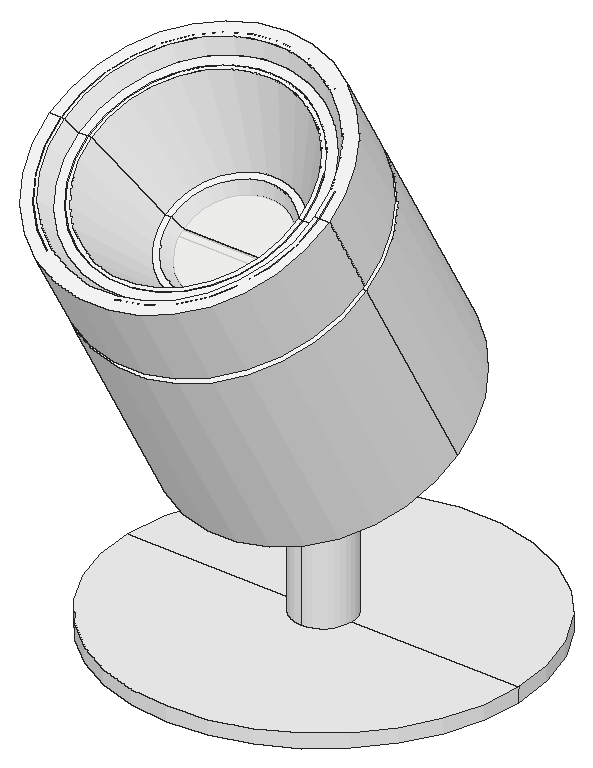
Revit family "Lighting-Luminii-Leto_11_Mini_MP new", category Lighting Fixtures, host Face, Revit 2020
Family settings
  Host = Face
  Round Connector Dimension = Use Diameter
  Part Type = Normal
  OmniClass Number = 23.80.70.11.14.21
  OmniClass Title = Spots and Tracklight Specialties
  Cut with Voids When Loaded = No
  Light Source = Yes
  Shared = Yes
  Room Calculation Point = No
Parameters (values of type "Not A Type - Load Type Catalog")
  Width = 0' - 2 1/2"  # constant formula
  Wattage Comments = "6.1 Watts"
  Wattage = 6.1 W
  Warranty URL = "https://www.luminii.com/terms-conditions/"
  built-in parameter 1150110 = 1 (stored number, unit not read)
  Voltage Comments = "120V"
  Voltage = 120 V
  Version = "2020 - v1.0a"  # constant formula
  URL = "https://www.luminii.com/"
  built-in parameter 1114217 = 1 (stored number, unit not read)
  Tilt Angle = -90.00°
  built-in parameter 1150109 = 1 (stored number, unit not read)
  built-in parameter 1150134 = (empty or 0)
  built-in parameter 1150113 = 1 (stored number, unit not read)
  Support Phone = "224-699-9545"  # constant formula
  Support Email = "mailto:support@bimsmith.com"
  Stem Color [instance] = Paint - Luminii - 01 - White Powder Coated
  Product Page URL = "https://www.luminii.com/product/leto-11-mini-mp/"
  Product Name = "Leto 11 Mini MP"  # constant formula
  Product Documentation Link = "https://www.luminii.com/wp-content/uploads/z_special_catalog_products/products/leto-11-mini-mp/specsheets/LETO_11_Mini_MP_specsheet.pdf"
  Power Source Type = "Driver"
  Power Factor = 1
  Photometric Web File = "Leto 11 Mini T - 662-A90-617-35-15-00.ies"
  Phase = 1
  Optic = "17\""
  Number of Poles = if(and(or(Voltage = 120 V, Voltage = 277 V), Phase = 1), 1, if(and(or(Voltage = 208 V, Voltage = 240 V), Phase = 1), 2, if(and(or(Voltage = 208 V, Voltage = 240 V), Phase = 3), 3, if(and(Voltage > 300 V, Phase = 1), 2, if(and(Voltage > 400 V, Phase = 3), 3, 1)))))  # 1
  Mounting Method = "Track"  # constant formula
  Model = "Please Load Accompanying Type Catalog (.txt)"
  Manufacturer Phone Number = "224-333-6033"
  Manufacturer Email = "info@luminii.com"
  Manufacturer Address = "7777 N Merrimac Ave, Niles, IL 60714"
  Manufacturer = "Luminii"  # constant formula
  built-in parameter 1150105 = 55.702 (stored number, unit not read)
  Lumens = 699.975 lm
  built-in parameter 1150115 = 1 (stored number, unit not read)
  Lumen Output = "700"
  Load Classification = Lighting
  built-in parameter 1150137 = (empty or 0)
  built-in parameter 1150139 = (empty or 0)
  Lens Material = Plastic - Luminii - Frosted Lens
  Length [instance] = 0' - 2 223/256"  # constant formula
  built-in parameter 1150112 = 1 (stored number, unit not read)
  built-in parameter 1150114 = 1 (stored number, unit not read)
  Lamp = "LED"  # constant formula
  Keynote = "26 51 00"
  Instruction Sheet Link = "https://www.luminii.com/product/leto-11-mini-mp/"
  built-in parameter 1150132 = (empty or 0)
  built-in parameter 1150102 = (empty or 0)
  built-in parameter 1150107 = 3000 (stored number, unit not read)
  Initial Color Comments = "Perfomance based on 3000K Photometric Web File"  # constant formula
  built-in parameter 1150138 = (empty or 0)
  built-in parameter 1150106 = 0.55702 (stored number, unit not read)
  Housing Protection Rating = "IP20 Dry/IP66 Wet Series"  # constant formula
  Height = 0' - 3 179/256"  # constant formula
  Frequency Comments = ""
  Frequency = 0 Hz
  Fixture Tilt [instance] = 30.00°
  Fixture Rotation [instance] = 90.00°
  Environment = "Damp"  # constant formula
  built-in parameter 1150104 = 10.661 (stored number, unit not read)
  Driver Comment = "Contact Manufacture for Additional Driver Options"  # constant formula
  Driver = "Standard - Non-Dimming"
  Dimming Lamp Color Temperature Shift = <None>
  Description = "Small Adjustable Spotlight"  # constant formula
  Default Elevation = 0' - 0"  # constant formula
  Current Amps = 0 A
  Copyright = "©2021 Luminii"  # constant formula
  Color Temperature Note = ""
  Color Filter = 16777215
  C Stem Height = 0' - 1"
  C Square Canopy = if(C Canopy Constraint = 2, 1 = 1, 1 = 0)  # no
  C Round Canopy = if(or(C Canopy Constraint = 1, C Canopy Constraint = 3), 1 = 1, 1 = 0)  # yes
  C Canopy Diameter = if(C Canopy Constraint = 1, 0' 4 59/64", if(C Canopy Constraint = 2, 0' 4 225/256", 0' 3 1/2"))  # 0' - 3 1/2"
  Canopy Color [instance] = Paint - Luminii - 01 - White Powder Coated
  C Tilt [instance] = if(Fixture Tilt > 80.00°, 90.00° - 80.00°, if(Fixture Tilt < 0.00°, 90.00° - 0.00°, 90.00° - Fixture Tilt))  # 60.00°
  C Fixture Rotation [instance] = if(Fixture Rotation > 330.00°, 330.00°, if(Fixture Rotation < 0.00°, 0.00°, Fixture Rotation))  # 90.00°
  C Canopy Constraint = 3
  C Canopy Height = if(C Canopy Constraint = 1, 0' 0 161/256", if(C Canopy Constraint = 2, 0' 0 161/256", 0' 0 1/8"))  # 0' - 0 1/8"
  Body Color [instance] = Paint - Luminii - 01 - White Powder Coated
  built-in parameter 1114218 = 1 (stored number, unit not read)
  Baffle Color [instance] = Paint - Luminii - 01 - White Powder Coated
  built-in parameter 1150133 = 10 (stored number, unit not read)
  Assembly Code = "D5040.50"
  Apparent Load = Wattage * Power Factor  # 6.1 VA
Reference planes (in)
  plane 1 "Center (Front/Back)": y = 0
  plane 2: z = 0
  plane 3 "Center (Left/Right)": x = 0
  plane 4: x = -1.75
  plane 5: x = 1.75
  plane 6: y = 1.25
  plane 7: y = -1.25
  plane 8 "Canopy Top": z = 0.125
  plane 9: z = -1.6318
  plane 10: y = 1.75
  plane 11: y = -1.75
  plane 12: x = -1.25
  plane 13: x = 1.25
Forms (in)
  Extrusion 1, solid, material "Paint - Luminii - 01 - White Powder Coated" <- "Canopy Color"
    sketch origin (0, 0, 0) x (1, 0, 0) y (0, 1, 0)
      loop
        circle (0, 0) r 0.17397
    from 0 to 0.125
  Revolve 2, solid, material "Paint - Luminii - 01 - White Powder Coated" <- "Canopy Color", visible <- "C Round Canopy"
    sketch origin (0, 0, 0) x (1, 0, 0) y (0, 0, 1)
      loop
        line (0, 0) -> (0, 0.125) -> (-1.75, 0.125) -> (-1.75, 0) -> (0, 0)
      axis (0, 0.125) -> (0, 0)
    angle from 0 to 360
  Extrusion 3, solid, material "Paint - Luminii - 01 - White Powder Coated" <- "Canopy Color", visible <- "C Square Canopy"
    sketch origin (0, 0, 0) x (1, 0, 0) y (0, 1, 0)
      loop
        line (-1.75, 1.75) -> (-1.75, -1.75) -> (1.75, -1.75) -> (1.75, 1.75) -> (-1.75, 1.75)
    from 0 to 0.125
Lines and regions (in)
  reference lines
    curve 1: line (0, 0, 0.125) -> (0, 5, 0.125)
    curve 2: line (0, 0, 0.125) -> (4.75, 0, 0.125)
Dimensions and locks (in)
  equal spacing: plane 4, plane 3 "Center (Left/Right)", plane 5
  equal spacing: plane 6, plane 1 "Center (Front/Back)", plane 7
  "C Canopy Diameter": plane 4 to plane 5
  "C Canopy Height": plane 8 "Canopy Top" to plane 2
  "Width": plane 6 to plane 7
  locked: plane 2 to plane 9 at 1.6318
  equal spacing: plane 12, plane 3 "Center (Left/Right)", plane 13
  equal spacing: plane 10, plane 1 "Center (Front/Back)", plane 11
  "C Canopy Diameter": plane 10 to plane 11
  "Width": plane 12 to plane 13
  diameter of Extrusion 1 sketch curve = 0' - 0.34794"
  locked: curve 2 to curve 1 (angle 90.00°)
  "C Fixture Rotation": angle curve 1 to plane 1 "Center (Front/Back)"
  aligned and locked: plane 2 to host face
  aligned and locked: level to host face
  aligned and locked: plane 3 "Center (Left/Right)" to imposter light
  aligned and locked: plane 1 "Center (Front/Back)" to Extrusion 1 sketch curve
  aligned and locked: plane 3 "Center (Left/Right)" to Extrusion 1 sketch curve
  aligned and locked: plane 2 to Extrusion 1
  aligned and locked: plane 8 "Canopy Top" to Extrusion 1
  aligned and locked: Revolve 2 sketch curve to plane 3 "Center (Left/Right)"
  aligned and locked: imposter light to plane 1 "Center (Front/Back)"
  aligned and locked: plane 1 "Center (Front/Back)" to curve 2
  aligned and locked: plane 3 "Center (Left/Right)" to curve 2
  aligned and locked: curve 2 to nested 1
  aligned and locked: curve 1 to nested 1
  aligned and locked: Revolve 2 sketch curve to plane 4
  aligned and locked: Revolve 2 sketch curve to level
  aligned and locked: plane 3 "Center (Left/Right)" to Revolve 2 sketch curve
  aligned and locked: imposter light to plane 9
  aligned and locked: Extrusion 3 sketch curve to plane 4
  aligned and locked: plane 5 to Extrusion 3 sketch curve
  aligned and locked: plane 10 to Extrusion 3 sketch curve
  aligned and locked: Extrusion 3 sketch curve to plane 11
  aligned and locked: plane 8 "Canopy Top" to Extrusion 3
  aligned and locked: Extrusion 3 to plane 2
Automatic sketch dimensions
  host sketch curve to host sketch curve = 8' - 0"  (x2)
  Revolve 2 sketch curve to level = 0' - 0"
  Revolve 2 sketch curve to plane 8 "Canopy Top" = 0' - 0"
  plane 8 "Canopy Top" to Revolve 2 sketch curve = 0' - 0"
Nested families (in)
  nested 1: "Tilt" at (0, 0, 0.125) x (0, 1, 0) z (0, 0, 1), type "Tilt"
Connectors (in)
  electrical at (0, 0, 0), driven by "Number of Poles", driven by "Load Classification", driven by "Voltage", driven by "Apparent Load", driven by "Power Factor"
    settings: on Extrusion 1, index 1, voltage 120 V, apparent load 6.1 VA, apparent load phase1 0 VA, apparent load phase2 0 VA, apparent load phase3 0 VA, power factor 1, load classification "Lighting", number of poles 1, system type 30, power factor state 1, is connector primary yes, connector utility no, sub classification motor no, connector description "Power Connection"
Definition of nested family "Tilt"
  Parameters (values of type "Tilt")
    Wattage = 6.1 W
    built-in parameter 1150110 = 1 (stored number, unit not read)
    built-in parameter 1114217 = 1 (stored number, unit not read)
    Tilt Angle = 60.00°
    built-in parameter 1150109 = 1 (stored number, unit not read)
    built-in parameter 1150134 = (empty or 0)
    built-in parameter 1150113 = 1 (stored number, unit not read)
    Stem Color = none
    Photometric Web File = "Leto 11 Mini T - 662-A90-617-35-15-00.ies"
    built-in parameter 1150105 = 55.702 (stored number, unit not read)
    Lumens = 699.975 lm
    built-in parameter 1150115 = 1 (stored number, unit not read)
    built-in parameter 1150137 = (empty or 0)
    built-in parameter 1150139 = (empty or 0)
    Lens = none
    built-in parameter 1150112 = 1 (stored number, unit not read)
    built-in parameter 1150114 = 1 (stored number, unit not read)
    built-in parameter 1150132 = (empty or 0)
    built-in parameter 1150102 = (empty or 0)
    built-in parameter 1150107 = 3000 (stored number, unit not read)
    built-in parameter 1150138 = (empty or 0)
    built-in parameter 1150106 = 0.55702 (stored number, unit not read)
    built-in parameter 1150104 = 10.661 (stored number, unit not read)
    Dimming Lamp Color Temperature Shift = (empty or 0)
    Default Elevation = 4' - 0"
    Color Filter = 16777215
    C Tilt = 60.00°
    C Stem Height = 0' - 1"
    Body Color = none
    built-in parameter 1114218 = 1 (stored number, unit not read)
    Baffle Color = none
    built-in parameter 1150133 = 10 (stored number, unit not read)
    Additional Material = none
  Reference planes (in)
    plane 1 "Center (Front/Back)": y = 0
    plane 2: z = 0
    plane 3 "Center (Left/Right)": x = 0
    plane 4 "C": z = 1.61341
    plane 5: x = -0.36505
    plane 6: z = 1
    plane 7: z = 1.81
  Forms (in)
    Extrusion 1, solid
      sketch origin (0, 0, 0) x (1, 0, 0) y (0, 1, 0)
        loop
          line (-48, 48) -> (-48, -48) -> (48, -48) -> (48, 48) -> (-48, 48)
      from 0 to -12
    Revolve 2, solid, material <- "Stem Color"
      sketch origin (0, 0, 0) x (1, 0, 0) y (0, 0, 1)
        loop
          line (0, 0) -> (0, 1.81) -> (-0.25684, 1.81) -> (-0.25684, 0) -> (0, 0)
        axis (0, 1.81) -> (0, 0)
      angle from 0 to 360
    Extrusion 3, void
      sketch origin (0, 0, 0) x (0, 1, 0) y (0, 0, 1)
        loop
          line (0.11811, 1.85724) -> (-0.11811, 1.85724) -> (-0.11811, 1.42859) -> (0.11811, 1.42859) -> (0.11811, 1.85724)
      from -0.36505 to 0
  Cuts and joins
    Extrusion 3 cuts Revolve 2
  Lines and regions (in)
    reference lines
      curve 1: line (0, 0, 1.61341) -> (1.08253, 0, 2.23841)
      curve 2: line (0, 0, 1.61341) -> (-0.66409, 0, 2.76365)
  Dimensions and locks (in)
    locked: Extrusion 1 to imposter light at 1.75
    plane 3 "Center (Left/Right)" to Revolve 2 sketch curve to Revolve 2 sketch curve = 0' - 0" locked, 0' - 0.25684" locked
    plane 3 "Center (Left/Right)" to Extrusion 3 = 0' - 0"
    Extrusion 3 sketch curve to plane 1 "Center (Front/Back)" to Extrusion 3 sketch curve = 0' - 0.11811" locked, 0' - 0.11811" locked
    locked: plane 3 "Center (Left/Right)" to plane 5 at 0.36505
    "C Stem Height": plane 6 to plane 2
    locked: plane 7 to plane 4 "C" at 0.19659
    locked: plane 7 to plane 6 at 0.81
    locked: plane 2 to imposter light at 1.75
    locked: curve 1 to curve 2 (angle 90.00°)
    "C Tilt": angle curve 1 to plane 3 "Center (Left/Right)"
    aligned and locked: plane 2 to Extrusion 1
    aligned and locked: level to Extrusion 1
    aligned and locked: plane 3 "Center (Left/Right)" to imposter light
    aligned and locked: imposter light to plane 1 "Center (Front/Back)"
    aligned and locked: nested 1 to curve 1
    aligned and locked: nested 1 to plane 1 "Center (Front/Back)"
    aligned and locked: plane 3 "Center (Left/Right)" to Extrusion 3
    aligned and locked: Extrusion 3 to plane 5
    aligned and locked: Revolve 2 sketch curve to plane 7
    aligned and locked: plane 4 "C" to curve 2
    aligned and locked: plane 3 "Center (Left/Right)" to curve 2
  Automatic sketch dimensions
    Extrusion 1 sketch curve to Extrusion 1 sketch curve = 8' - 0"  (x2)
    Revolve 2 sketch curve to plane 3 "Center (Left/Right)" = 0' - 0"
    Revolve 2 sketch curve to level = 0' - 0"  (x2)
    Revolve 2 sketch curve to Revolve 2 sketch curve = 0' - 0.72743"
    Extrusion 3 sketch curve to plane 4 "C" = 0' - 0.18482"
    Extrusion 3 sketch curve to plane 7 = 0' - 0.04724"
  Nested families (in)
    nested 1: "Lamp" at (0, 0, 1.61341) x (-0.5, 0, 0.866) z (0.866, 0, 0.5), type "Lamp"
  Definition of nested family "Lamp"
    Parameters (values of type "Lamp")
      Wattage = 6.1 W
      built-in parameter 1150110 = 1 (stored number, unit not read)
      built-in parameter 1114217 = 1 (stored number, unit not read)
      Tilt Angle = 90.00°
      built-in parameter 1150109 = 1 (stored number, unit not read)
      built-in parameter 1150134 = (empty or 0)
      built-in parameter 1150113 = 1 (stored number, unit not read)
      Photometric Web File = "Leto 11 Mini T - 662-A90-617-35-15-00.ies"
      built-in parameter 1150105 = 55.702 (stored number, unit not read)
      Lumens = 699.975 lm
      built-in parameter 1150115 = 1 (stored number, unit not read)
      built-in parameter 1150137 = (empty or 0)
      built-in parameter 1150139 = (empty or 0)
      Lens = none
      built-in parameter 1150112 = 1 (stored number, unit not read)
      built-in parameter 1150114 = 1 (stored number, unit not read)
      built-in parameter 1150132 = (empty or 0)
      built-in parameter 1150102 = (empty or 0)
      built-in parameter 1150107 = 3000 (stored number, unit not read)
      built-in parameter 1150138 = (empty or 0)
      built-in parameter 1150106 = 0.55702 (stored number, unit not read)
      Emit from Circle Diameter = 0' - 1 195/256"  # constant formula
      Emit Shape Visible in Rendering = no
      built-in parameter 1150104 = 10.661 (stored number, unit not read)
      Dimming Lamp Color Temperature Shift = (empty or 0)
      Default Elevation = 4' - 0"
      Color Filter = 16777215
      Body Color = none
      built-in parameter 1114218 = 1 (stored number, unit not read)
      Baffle Color = none
      built-in parameter 1150133 = 10 (stored number, unit not read)
    Reference planes (in)
      plane 1 "Center (Front/Back)": y = 0
      plane 2: z = 0
      plane 3 "Center (Left/Right)": x = 0
      plane 4: x = 2.98855
    Forms (in)
      Extrusion 1, solid
        sketch origin (0, 0, 0) x (1, 0, 0) y (0, 1, 0)
          loop
            line (-48, 48) -> (-48, -48) -> (48, -48) -> (48, 48) -> (-48, 48)
        from 0 to -12
      Revolve 2, solid, material <- "Body Color"
        sketch origin (0, 0, 0) x (1, 0, 0) y (0, 1, 0)
          loop
            line (2.98855, -1.12202) -> (2.86098, -1.04836) -> (2.86098, -0.96253) -> (2.83385, -0.94687) -> (2.83385, -1.06879) -> (2.98272, -1.15474) -> (1.83947, -1.15474) -> (1.83947, 0) -> (0.11453, 0) -> (0.11453, -1.24938) -> (2.14209, -1.24938) -> (2.14209, -1.19169) -> (2.20114, -1.19169) -> (2.20114, -1.24938) -> (2.98855, -1.24938) -> (2.98855, -1.12202)
          axis (2.98855, 0) -> (0.11453, 0)
        angle from 0 to 360
      Revolve 3, solid, material <- "Lens"
        sketch origin (-1.996, 0, 0.00107) x (-1, 0, 0) y (0, -1, 0)
          loop
            line (-3.95297, -0.9775) -> (-3.95297, 0) -> (-3.98583, 0) -> (-3.98583, -0.9775) -> (-3.95297, -0.9775)
          axis (-3.98583, 0) -> (-3.94646, 0)
        angle from 0 to 360
      Revolve 4, solid, material <- "Body Color"
        sketch origin (0, 0, 0) x (1, 0, 0) y (0, 0, 1)
          loop
            arc (0.15115, 0.11752) -> (-0.06212, 0.1811) -> (-0.19146, 0) r 0.19146
            line (-0.19146, 0) -> (0.67002, 0) -> (0.67002, 0.11752) -> (0.15115, 0.11752)
          axis (-0.19146, 0) -> (0.67002, 0)
        angle from 0 to 360
      Extrusion 5, void
        sketch origin (0, 0.00059, -0.00059) x (0, 0, -1) y (0, 1, 0)
          loop
            line (0.65945, 0.31437) -> (-0.65945, 0.31437)
            arc (-0.65945, 0.31437) -> (-0.97441, -0.00059) -> (-0.65945, -0.31555) r 0.31496
            line (-0.65945, -0.31555) -> (0.65945, -0.31555)
            arc (0.65945, -0.31555) -> (0.97441, -0.00059) -> (0.65945, 0.31437) r 0.31496
        from 0 to 0.35469
      Revolve 6, solid, material <- "Baffle Color"
        sketch origin (0, 0, 0) x (1, 0, 0) y (0, 1, 0)
          loop
            line (1.99261, -0.45557) -> (1.99261, -0.49165) -> (2.06753, -0.53491) -> (2.06753, -0.59424)
            arc (2.06753, -0.59424) -> (2.45847, -0.79052) -> (2.86098, -0.96184) r 6.95807
            line (2.86098, -0.96184) -> (2.86098, -0.9283)
            arc (2.86098, -0.9283) -> (2.47453, -0.76351) -> (2.09878, -0.5756) r 6.92682
            line (2.09878, -0.5756) -> (2.09878, -0.51687) -> (1.99261, -0.45557)
          axis (2.86098, 0) -> (1.99261, 0)
        angle from 0 to 360
    Cuts and joins
      Extrusion 5 cuts Revolve 2
    Dimensions and locks (in)
      locked: plane 3 "Center (Left/Right)" to plane 4 at 2.98855
      aligned and locked: plane 2 to Extrusion 1
      aligned and locked: level to Extrusion 1
      aligned and locked: plane 2 to imposter light
      aligned and locked: imposter light to plane 4
      aligned and locked: imposter light to plane 1 "Center (Front/Back)"
      aligned and locked: Revolve 6 sketch curve to plane 1 "Center (Front/Back)"
